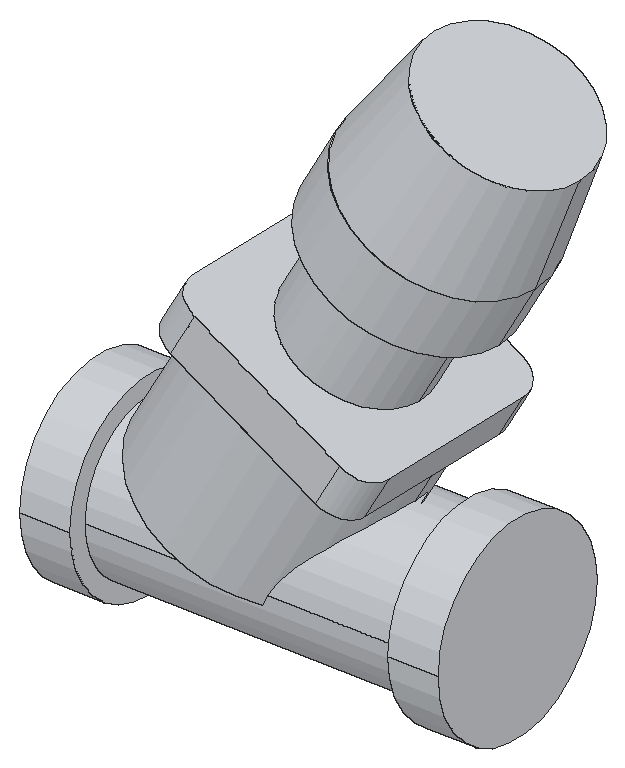
Revit family "OPTIMA_Compact_MM_DN20_5,0_RFA_2019", category Pipe Accessories, Revit 2019
Family settings
  Round Connector Dimension = Use Diameter
  Part Type = Valve - Breaks Into
  Work Plane-Based = No
  Always vertical = Yes
  Cut with Voids When Loaded = No
  Shared = No
Parameters (values of type "OPTIMA Compact DN20 M-M 5.0mm")
  magiProductId = "dbf1ea5749af4e6bb74c096f7a23b2"
  magiProductFamilyId = "78ecc78dd0e54fb5aa8a98aef7d402"
  magiPartTypeId = 304
  isMeasuringValve [instance] = no
  ang2D [instance] = 0.00°
  Z = 0 mm
  X = 10 mm
  W2D = 32 mm
  VersionID = "2.0/2018.8.28.1/FRESE_OPTIMA-COMPACT-MM_001"
  Use Minimum Symbol Size [instance] = yes
  URL = "www.hydronic.cz"
  Type Comments = "vnější závit; PN25; 0~120°C, bez měřicích vsuvek"
  R9 = 8 mm
  R8 = 14 mm
  R7 = 17 mm
  R6 = 12 mm
  R5 = 5 mm
  R4 = 19 mm
  R3 = 19 mm
  R2 = 13.5 mm
  R1 = 16.5 mm
  QmdConnectorList = "301;D;302;D"
  Productdata [instance] = ""
  PLG0 = no
  Manufacturer = "Hydronic Systems Prague s.r.o."
  MC Product Code = "53-1308  (1\" M-M; 5.0mm; Qmin-dpmin 220l/h-16.0kPa; Qmax-dpmin 1330l/h-21.6kPa; dpmax 800kPa)"
  MC Piping Given Pressure Drop [instance] = 0.0 Pa
  LL = 35 mm
  L3 = 11 mm
  L2D_Min = 3048 mm
  L2D = 104 mm
  L2 = 53.2 mm
  L1__ve = -L1  # -8.4 mm
  L1 = 8.4 mm
  H6__ve = -H6  # -58.5 mm
  H6 = 58.5 mm
  H5 = 20 mm
  H4 = 12 mm
  H3 = 18 mm
  H2 = 8 mm
  H1 = 26 mm
  Description = "Tlakově nezávislý 2-cestný regulační vyvažovací ventil (PICV)"
  D = 20 mm
  A = 30.00°
Types (8, lengths in mm): name | magiProductId | Z | X | R4 | R3 | R2 | R1 | MC Product Code | LL | L3 | L2 | L1__ve | L1 | H6__ve | H6 | H5 | H3 | H2 | H1 | D
  OPTIMA Compact DN32 M-M 5.5mm | "9229f6b2647a4beea29cfed7a0464e" | 1 | 13 | 29 | 31.5 | 22 | 24 | "53-1314  (6/4\" M-M; 5.5mm; Qmin-dpmin 550l/h-17.9kPa; Qmax-dpmin 4001l/h-28.0kPa; dpmax 800kPa)" | 52 | 12.5 | 79.04 | -12.48 | 12.48 | -66 | 66 | 20 | 16 | 10 | 46 | 32
  OPTIMA Compact DN15 M-M 2.5mm | "cf91b4957677408aaed6de7f8e707d" | 0 | 7 | 19 | 19 | 12 | 13 | "53-1304  (3/4\" M-M; 2.5mm; Qmin-dpmin 100l/h-14.9kPa; Qmax-dpmin 575l/h-18.5kPa; dpmax 800kPa)" | 32.5 | 11 | 49.4 | -7.8 | 7.8 | -55 | 55 | 20 | 18 | 8 | 26 | 15
  OPTIMA Compact DN15 M-M 5.0mm | "3da7abe28dc3494da6d3a7ef2edb11" | 0 | 7 | 19 | 19 | 12 | 13 | "53-1305  (3/4\" M-M; 5.0mm; Qmin-dpmin 220l/h-16.0kPa; Qmax-dpmin 1330l/h-21.6kPa; dpmax 800kPa)" | 32.5 | 11 | 49.4 | -7.8 | 7.8 | -55 | 55 | 20 | 18 | 8 | 26 | 15
  OPTIMA Compact DN20 M-M 5.0mm | "dbf1ea5749af4e6bb74c096f7a23b2" | 0 | 10 | 19 | 19 | 13.5 | 16.5 | "53-1308  (1\" M-M; 5.0mm; Qmin-dpmin 220l/h-16.0kPa; Qmax-dpmin 1330l/h-21.6kPa; dpmax 800kPa)" | 35 | 11 | 53.2 | -8.4 | 8.4 | -58.5 | 58.5 | 20 | 18 | 8 | 26 | 20
  OPTIMA Compact DN20 M-M 5.5mm | "a40c776a67e54a899e920652842cb9" | 0 | 10 | 19 | 19 | 13.5 | 16.5 | "53-1311  (1\" M-M; 5.5mm; Qmin-dpmin 300l/h-17.8kPa; Qmax-dpmin 1800l/h-40.0kPa; dpmax 800kPa)" | 35 | 11 | 53.2 | -8.4 | 8.4 | -58.5 | 58.5 | 20 | 18 | 8 | 26 | 20
  OPTIMA Compact DN25 M-M 5.5mm | "c9531e40f709430d814b4200686e37" | 0 | 13 | 29 | 31.5 | 18.5 | 21 | "53-1313  (5/4\" M-M; 5.5mm; Qmin-dpmin 600l/h-17.3kPa; Qmax-dpmin 3609l/h-23.0kPa; dpmax 800kPa)" | 52 | 12.5 | 79.04 | -12.48 | 12.48 | -63 | 63 | 20 | 16 | 10 | 43 | 25
  OPTIMA Compact DN10 M-M 2.5mm | "719160033de540c9acf49957212ec3" | 0 | 7 | 19 | 19 | 9 | 10.5 | "53-1300  (1/2\" M-M; 2.5mm; Qmin-dpmin 30l/h-14.3kPa; Qmax-dpmin 200l/h-15.8kPa; dpmax 800kPa)" | 32.5 | 11 | 49.4 | -7.8 | 7.8 | -52.5 | 52.5 | 17 | 18 | 8 | 30 | 10
  OPTIMA Compact DN10 M-M 5.0mm | "5a6cfbbfc7584f5c989f475761ae24" | 0 | 7 | 19 | 19 | 9 | 10.5 | "53-1309  (1/2\" M-M; 5.0mm; Qmin-dpmin 65l/h-14.6kPa; Qmax-dpmin 370l/h-17.2kPa; dpmax 800kPa)" | 32.5 | 11 | 49.4 | -7.8 | 7.8 | -52.5 | 52.5 | 17 | 18 | 8 | 30 | 10
Reference planes
  plane 1 "Center (Front/Back)": y = 0
  plane 2 "XYPLANE": z = 0
  plane 3 "Center (Left/Right)": x = 0
  plane 4 "267": x = 11
  plane 5 "266": x = -11
  plane 6 "252": through (-607.519, 0, 447.746) normal (0.5, 0, 0.866)
  plane 7 "250": through (-617.519, 0, 430.426) normal (0.5, 0, 0.866)
  plane 8 "248": through (-623.519, 0, 420.033) normal (0.5, 0, 0.866)
  plane 9 "245": through (-632.519, 0, 404.445) normal (0.5, 0, 0.866)
  plane 10 "241": through (349.885, 0, 664.019) normal (0.866, 0, -0.5)
  plane 11 "240": through (382.794, 0, 645.019) normal (0.866, 0, -0.5)
  plane 12 "239": y = -19
  plane 13 "238": y = 19
  plane 14 "237": through (-636.519, 0, 397.517) normal (0.5, 0, 0.866)
  plane 15 "235": through (-649.519, 0, 375) normal (0.5, 0, 0.866)
  plane 16 "231": y = 0
  plane 17 "230": through (366.34, 0, 654.519) normal (0.866, 0, -0.5)
  plane 18 "211": x = -26.6
  plane 19 "204": x = 35
  plane 20 "203": x = -35
  plane 21 "202": x = 0
  plane 22 "201": z = 0
  plane 23 "200": y = 0
  plane 24 "227XY": through (-649.519, 0, 375) normal (0.5, 0, 0.866)
  plane 25 "227XZ": y = 0
  plane 26 "227YZ": through (375, 0, 649.519) normal (0.866, 0, -0.5)
Forms (mm)
  Extrusion 1, solid, visible <- "PLG0"
    sketch origin (-750, 0, 0) x (1, 0, 0) y (0, 1, 0)
      loop
        circle (761, 0) r 8
    from 0 to -58.5 <- "H6__ve"
  Extrusion 2, solid, visible <- "PLG0"
    sketch origin (-750, 0, 0) x (1, 0, 0) y (0, 1, 0)
      loop
        circle (739, 0) r 8
    from 0 to -58.5 <- "H6__ve"
  Blend 3, solid
    base sketch origin (-617.519, 0, 430.426) x (0.866025, 0, -0.5) y (0, 1, 0)
      loop
        circle (740, 0) r 17
    top sketch origin (-617.519, 0, 430.426) x (0.866025, 0, -0.5) y (0, 1, 0)
      loop
        circle (740, 0) r 14
    from 0 to 20
  Extrusion 4, solid
    sketch origin (-623.519, 0, 420.033) x (0.866025, 0, -0.5) y (0, 1, 0)
      loop
        circle (740, 0) r 17
    from 0 to 12 <- "H4"
  Extrusion 5, solid
    sketch origin (-632.519, 0, 404.445) x (0.866025, 0, -0.5) y (0, 1, 0)
      loop
        circle (740, 0) r 12
    from 0 to 18 <- "H3"
  Extrusion 6, solid
    sketch origin (-636.519, 0, 397.517) x (0.866025, 0, -0.5) y (0, 1, 0)
      loop
        arc (726, 19) -> (722.464, 17.536) -> (721, 14) r 5
        line (721, 14) -> (721, -14)
        arc (721, -14) -> (722.464, -17.536) -> (726, -19) r 5
        line (726, -19) -> (754, -19)
        arc (754, -19) -> (757.536, -17.536) -> (759, -14) r 5
        line (759, -14) -> (759, 14)
        arc (759, 14) -> (757.536, 17.536) -> (754, 19) r 5
        line (754, 19) -> (726, 19)
    from 0 to 8 <- "H2"
  Extrusion 7, solid
    sketch origin (-649.519, 0, 375) x (0.866025, 0, -0.5) y (0, 1, 0)
      loop
        circle (740, 0) r 19
    from 0 to 26 <- "H1"
  Extrusion 8, solid
    sketch origin (-26.6, -750, 0) x (0, 1, 0) y (0, 0, 1)
      loop
        circle (750, 0) r 13.5
    from 0 to 53.2 <- "L2"
  Extrusion 9, solid
    sketch origin (35, -750, 0) x (0, 1, 0) y (0, 0, 1)
      loop
        circle (750, 0) r 16.5
    from 0 to -8.4 <- "L1__ve"
  Extrusion 10, solid
    sketch origin (-35, -750, 0) x (0, 1, 0) y (0, 0, 1)
      loop
        circle (750, 0) r 16.5
    from 0 to 8.4 <- "L1"
  Extrusion 11, solid, not visible
    sketch origin (35, -750, 0) x (0, 1, 0) y (0, 0, 1)
      loop
        circle (750, 0) r 10
    from 0 to -10
  Extrusion 12, solid, not visible
    sketch origin (-35, -750, 0) x (0, 1, 0) y (0, 0, 1)
      loop
        circle (750, 0) r 10
    from 0 to 10
Lines and regions (mm)
  reference lines, not visible
    curve 1: circle (2, 2, 0) r 1 normal (0, 0, 1)
Dimensions and locks
  plane 1 "Center (Front/Back)" to curve 1 = 2 mm
  "L3": plane 3 "Center (Left/Right)" to plane 4 "267"
  "L3": plane 3 "Center (Left/Right)" to plane 5 "266"
  "H5": plane 7 "250" to plane 6 "252"
  "H4": plane 8 "248" to plane 7 "250"
  "H3": plane 9 "245" to plane 8 "248"
  "H2": plane 14 "237" to plane 9 "245"
  "R4": plane 17 "230" to plane 10 "241"
  "R4": plane 17 "230" to plane 11 "240"
  "R4": plane 23 "200" to plane 12 "239"
  "R4": plane 23 "200" to plane 13 "238"
  "H1": plane 15 "235" to plane 14 "237"
  "Z": plane 24 "227XY" to plane 15 "235"
  locked: plane 23 "200" to plane 16 "231"
  "X": plane 26 "227YZ" to plane 17 "230"
  "L1": plane 20 "203" to plane 18 "211"
  "LL": plane 3 "Center (Left/Right)" to plane 19 "204"
  "LL": plane 3 "Center (Left/Right)" to plane 20 "203"
  locked: plane 3 "Center (Left/Right)" to plane 21 "202"
  locked: plane 2 "XYPLANE" to plane 22 "201"
  locked: plane 1 "Center (Front/Back)" to plane 23 "200"
  Extrusion 6 sketch curve to Extrusion 6 sketch curve = 0 mm  (x16)
  "R9": radius of Extrusion 1 sketch curve
  "R9": radius of Extrusion 2 sketch curve
  "R8": radius of Blend 3 sketch curve
  "R7": radius of Blend 3 sketch curve
  "R7": radius of Extrusion 4 sketch curve
  "R6": radius of Extrusion 5 sketch curve
  "R5": radius of Extrusion 6 sketch curve  (x4)
  "R3": radius of Extrusion 7 sketch curve
  "R2": radius of Extrusion 8 sketch curve
  "R1": radius of Extrusion 9 sketch curve
  "R1": radius of Extrusion 10 sketch curve
  aligned and locked: level to plane 2 "XYPLANE"
  aligned and locked: plane 4 "267" to Extrusion 1 sketch curve
  aligned and locked: plane 23 "200" to Extrusion 1 sketch curve
  aligned and locked: plane 5 "266" to Extrusion 2 sketch curve
  aligned and locked: plane 23 "200" to Extrusion 2 sketch curve
  aligned and locked: plane 16 "231" to Blend 3 sketch curve  (x2)
  aligned and locked: Blend 3 sketch curve to plane 17 "230"  (x2)
  aligned and locked: plane 6 "252" to Blend 3
  aligned and locked: plane 16 "231" to Extrusion 4 sketch curve
  aligned and locked: Extrusion 4 sketch curve to plane 17 "230"
  aligned and locked: plane 16 "231" to Extrusion 5 sketch curve
  aligned and locked: Extrusion 5 sketch curve to plane 17 "230"
  aligned and locked: Extrusion 6 sketch curve to plane 10 "241"
  aligned and locked: Extrusion 6 sketch curve to plane 12 "239"
  aligned and locked: Extrusion 6 sketch curve to plane 11 "240"
  aligned and locked: plane 13 "238" to Extrusion 6 sketch curve
  aligned and locked: plane 16 "231" to Extrusion 7 sketch curve
  aligned and locked: Extrusion 7 sketch curve to plane 17 "230"
  aligned and locked: plane 22 "201" to Extrusion 8 sketch curve
  aligned and locked: Extrusion 8 sketch curve to plane 23 "200"
  aligned and locked: plane 22 "201" to Extrusion 9 sketch curve
  aligned and locked: Extrusion 9 sketch curve to plane 23 "200"
  aligned and locked: plane 22 "201" to Extrusion 10 sketch curve
  aligned and locked: Extrusion 10 sketch curve to plane 23 "200"
  aligned and locked: plane 22 "201" to Extrusion 11 sketch curve
  aligned and locked: Extrusion 11 sketch curve to plane 23 "200"
  aligned and locked: plane 22 "201" to Extrusion 12 sketch curve
  aligned and locked: Extrusion 12 sketch curve to plane 23 "200"
Automatic sketch dimensions
  plane 1 "Center (Front/Back)" to Extrusion 11 sketch curve = 10 mm
  plane 1 "Center (Front/Back)" to Extrusion 12 sketch curve = 10 mm
  plane 3 "Center (Left/Right)" to curve 1 = 2 mm
  radius of curve 1 = 1 mm
Connectors
  piping at (-35, 0, 0), diameter 20, driven by "D"
    settings: on Extrusion 12, index 1, connector inside diameter 609.6 mm, connector length 0 mm, flow factor 0, pipe flow 0.0 L/s, pressure drop 0.0 Pa, fitting loss kfactor 0, connector angle 0.00°, fixture units 0, engagement length 0 mm, angle of deflection 0.00°, flow configuration 0, flow direction 0, fitting loss method 0, system type 29, joint type 0, gender type 0, connector reference index 2, connector utility 0, adjustable connector no, is connector primary yes, connector description ""
  piping at (35, 0, 0), diameter 20, driven by "D"
    settings: on Extrusion 11, index 2, connector inside diameter 609.6 mm, connector length 0 mm, flow factor 0, pipe flow 0.0 L/s, pressure drop 0.0 Pa, fitting loss kfactor 0, connector angle 0.00°, fixture units 0, engagement length 0 mm, angle of deflection 0.00°, flow configuration 0, flow direction 0, fitting loss method 0, system type 29, joint type 0, gender type 0, connector reference index 1, connector utility 0, adjustable connector no, is connector primary no, connector description ""
